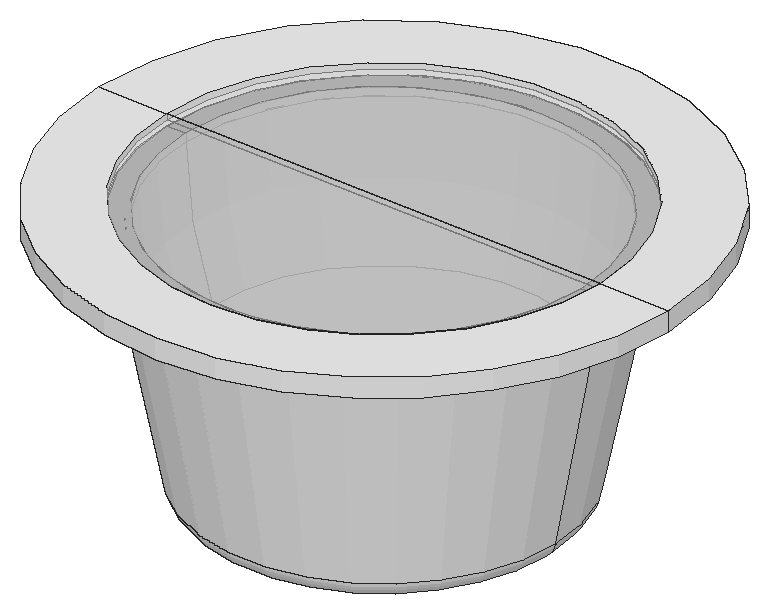
Revit family "2060566+2028036 Sylvania Lighting Fixture ASCENT 100 II ARCH 2700 4K STD EMG 160 with IP44 Frost Glass", category Lighting Fixtures, host Face, Revit 2016
Family settings
  Host = Face
  Part Type = Normal
  Round Connector Dimension = Use Diameter
  OmniClass Number = 23.80.70.11.17
  OmniClass Title = Specialized Lighting by Location or Use
  Cut with Voids When Loaded = No
  Light Source = Yes
  Shared = No
  Room Calculation Point = No
Parameters (values of type "2060566+2028036 ASCT100 II ARCH 2700 4K STD EMG 160 with IP44 Frost Glass Emergency mode")
  WidthBezelAcc_SYL = 25.0 mm
  Weight = "1.92 kg"
  Wattage = 1.58333 W
  WarrantyStartDate [instance] = "n/a"
  WarrantyGuarantorParts = "n/a"
  WarrantyDurationUnit = "n/a"
  WarrantyDurationParts = "n/a"
  WarrantyDescription = "n/a"
  built-in parameter 1150110 = 1 (stored number, unit not read)
  Voltage = 0 V
  VisibilityAccessory_SYL = yes
  TypeName = "ASCT100 II ARCH 2700 4K STD EMG 160 with IP44 Frost Glass Emergency mode"
  built-in parameter 1114217 = 1 (stored number, unit not read)
  Tilt Angle = -90°
  built-in parameter 1150109 = 1 (stored number, unit not read)
  built-in parameter 1150134 = 12
  built-in parameter 1150113 = 1 (stored number, unit not read)
  SerialNumber [instance] = "n/a"
  ReflectorRadius_SYL = Radius_SYL - 14.5 mm  # 80.0 mm
  RadiusAcc_SYL = 105.0 mm
  Radius_SYL = 94.5 mm
  URL = "http://www.sylvania-lighting.com"
  PowerFactor = 0
  PowerConsumption = "23 W"
  Photometric Web File = "2060566EM.ies"
  NominalWidth = 0.0 mm
  NominalLength = 0.0 mm
  NominalHeight = 94.0 mm
  Name = "ASCT100 II ARCH 2700 4K STD EMG 160 with IP44 Frost Glass Emergency mode"
  ModelReference = "ASCT100 II ARCH 2700 4K STD EMG 160 with IP44 Frost Glass Emergency mode"
  ModelNumber = "2060566+2028036"
  Material_4_SYL = none
  Material_3_SYL = Polycarbonate_Sylvania_Ascent_Clear
  Material_2_SYL = Aluminium_Sylvania_Ascent_Silver
  Material_1_SYL = Aluminum_Sylvania_Ascent_White
  Material = "aluminium housing, arcylic diffuser"
  ManufacturerName = "Feilo Sylvania"
  LuminousEfficacy = "120 lm/W"
  built-in parameter 1150105 = 15.12 (stored number, unit not read)
  Lumens = 190 lm
  LuminaireType = ""
  built-in parameter 1150115 = 1 (stored number, unit not read)
  LightOutputRatio = "100"
  built-in parameter 1150137 = (empty or 0)
  built-in parameter 1150139 = (empty or 0)
  LampsType = Lamp  # "LED"
  LampNominalLuminous = "2767 lm"
  LampMacAdamStep = "3"
  LampColourTemperature = "4000 K"
  LampColourRenderingIndex = "80"
  built-in parameter 1150112 = 1 (stored number, unit not read)
  built-in parameter 1150114 = 1 (stored number, unit not read)
  Keynote = "16500"
  InstallationDate [instance] = "n/a"
  InputVoltage = "n/a"
  InputNominalFrequency = "n/a"
  built-in parameter 1150132 = (empty or 0)
  built-in parameter 1150102 = (empty or 0)
  built-in parameter 1150107 = 4000 (stored number, unit not read)
  built-in parameter 1150138 = (empty or 0)
  IngressProtection = "IP44"
  ImpactProtectionIndex = "IK02"
  built-in parameter 1150106 = 0.1512 (stored number, unit not read)
  IfcExportType = "IfcLightFixtureType"
  IfcExportAs = "IfcLightFixtureType"
  Height_SYL = 94.0 mm
  HeightAcc_SYL = 7.0 mm
  ExpectedLife = 50000
  EmittionSurface_SYL = if(VisibilityAccessory_SYL, 7.0 mm, 3.0 mm)  # 7.0 mm
  Emit from Circle Diameter = DiffuserRadius_SYL * 2  # 146.0 mm
  Emit Shape Visible in Rendering = no
  ElectricShockClassification = "Class II"
  built-in parameter 1150104 = 11.148 (stored number, unit not read)
  DurationUnit = "hours"
  DocumentationLiterature = "http://www.sylvania-lighting.com/product/en-int/products/2060566"
  DimmingControlOptions = "n/a"
  Dimming Lamp Color Temperature Shift = <None>
  DiffuserRadius_SYL = ReflectorRadius_SYL - 7.0 mm  # 73.0 mm
  Diameter_SYL = 2 * Radius_SYL  # 189.0 mm
  CutoutDiameter_SYL = Diameter_SYL - 13.0 mm  # 176.0 mm
  CreatedOn = "9/17/2018"
  CreatedBy = "@sylvania-lighting.com"
  Color Filter = 16777215
  built-in parameter 1114216 [instance] = 1 (stored number, unit not read)
  Model = "ASCT100 II ARCH 2700 4K STD EMG 160 with IP44 Frost Glass Emergency mode"
  Manufacturer = "Feilo Sylvania"
  Lamp = "LED"
  Description = "Direct LED retro fit for original LED 100 Arch (160) single CFL lamp offering Matching lumen levels and improved light distribution of original LED 100 CFL lamp equivalents Typically half the power consumption compared to CFL Up to 112lm/W 160mm aperture Architectural reflector accepts range of glass accessories from existing LED 100 Arch 160 offering HE, HO and VHO versions equivalent of single 1 x 18W, 1 x 32W, 1 x 42W\r\n Additional VVHO versions which offer the performance circa 2 x 32W equivalent"  # constant formula
  Default Elevation = 0.0 mm
  built-in parameter 1140040 [instance] = 1
  BarCode [instance] = "n/a"
  built-in parameter 1114218 = 1 (stored number, unit not read)
  built-in parameter 1150133 = 10 (stored number, unit not read)
  AssetType = "Fixed"
  AssetIdentifier [instance] = "n/a"
  Assembly Code = "D5020200"
  Apparent Load = 1.58333 VA
  Aperture_SYL = 2 * ReflectorRadius_SYL  # 160.0 mm
Types (2, lengths in mm): name | Wattage | TypeName | Photometric Web File | Name | ModelReference | Material_3_SYL | built-in parameter 1150105 | Lumens | built-in parameter 1150106 | Model | Apparent Load
  2060566+2028036 ASCT100 II ARCH 2700 4K STD EMG 160 with IP44 Frost Glass Emergency mode | 1.58333 W | "ASCT100 II ARCH 2700 4K STD EMG 160 with IP44 Frost Glass Emergency mode" | "2060566EM.ies" | "ASCT100 II ARCH 2700 4K STD EMG 160 with IP44 Frost Glass Emergency mode" | "ASCT100 II ARCH 2700 4K STD EMG 160 with IP44 Frost Glass Emergency mode" | Polycarbonate_Sylvania_Ascent_Clear | 15.12 (stored number, unit not read) | 190 lm | 0.1512 (stored number, unit not read) | "ASCT100 II ARCH 2700 4K STD EMG 160 with IP44 Frost Glass Emergency mode" | 1.58333 VA
  2060566+2028036 ASCT100 II ARCH 2700 4K STD EMG 160 with IP44 Frost Glass | 23 W | "ASCENT 100 II ARCH 2700 4K STD EMG 160 with IP44 Frost Glass" | "2060566.ies" | "ASCENT 100 II ARCH 2700 4K STD EMG 160 with IP44 Frost Glass" | "ASCENT 100 II ARCH 2700 4K STD EMG 160 with IP44 Frost Glass" | Polycarbonate_Sylvania_Ascent_Opal | 219.63 (stored number, unit not read) | 2760 lm | 2.1963 (stored number, unit not read) | "ASCENT 100 II ARCH 2700 4K STD EMG 160 with IP44 Frost Glass" | 23 VA
Reference planes
  plane 1 "Center (Front/Back)": y = 0
  plane 2: z = 0
  plane 3 "Center (Left/Right)": x = 0
  plane 4 "Fixture Bottom": z = 3
  plane 5: z = -52.5
  plane 6 "Fixture Top": z = -91
  plane 7: x = -105
  plane 8: z = 7
  plane 9: x = -80
  plane 10: z = 5
  plane 11: x = -103
Forms (mm)
  Extrusion 1, solid, material "Aluminum_Sylvania_Ascent_White", detail levels fine
    sketch origin (0, 0, 0) x (1, 0, 0) y (0, 1, 0)
      loop
        circle (0, 0) r 94.5
      loop
        circle (0, 0) r 80
    from 0 to 3
  Extrusion 2, void
    sketch origin (0, 0, 0) x (1, 0, 0) y (0, 1, 0)
      loop
        circle (0, 0) r 88
    from -91 to 3
  Revolve 3, solid, material "Aluminum_Sylvania_Ascent_White" <- "Material_1_SYL", detail levels fine
    sketch origin (0, 0, 0) x (1, 0, 0) y (0, 0, 1)
      loop
        line (0, -91.073) -> (0, -89.023) -> (-55.468, -89.014)
        arc (-55.468, -89.014) -> (-59.352, -87.613) -> (-61.54, -84.139) r 6.307
        line (-61.54, -84.139) -> (-77.991, -2.844) -> (-77.991, 0) -> (-80, 0) -> (-80, -3) -> (-63.5, -84.536)
        arc (-63.5, -84.536) -> (-60.643, -89.203) -> (-55.5, -91.073) r 8.291
        line (-55.5, -91.073) -> (0, -91.073)
      axis (0, 0) -> (0, -91.073)
    angle from 0 to 360
  Revolve 4, solid, material "Aluminium_Sylvania_Ascent_Silver" <- "Material_2_SYL", detail levels fine
    sketch origin (0, 0, 0) x (1, 0, 0) y (0, 0, 1)
      loop
        line (-80, 3) -> (-80, 0) -> (-75, 0)
        arc (-75, 0) -> (-72.349, -26.77) -> (-64.5, -52.5) r 136.5
        line (-64.5, -52.5) -> (-58, -52.5)
        arc (-58, -52.5) -> (-56.857, -61.521) -> (-53.5, -69.971) r 36.166
        line (-53.5, -69.971) -> (0, -69.971) -> (0, -50.5) -> (-63.16, -50.5)
        arc (-63.16, -50.5) -> (-70.517, -25.725) -> (-73, 0) r 134.5
        line (-73, 0) -> (-73, 3) -> (-80, 3)
      axis (0, 3) -> (0, -69.971)
    angle from 0 to 360
  Extrusion 5, solid, material "Polycarbonate_Sylvania_Ascent_Clear" <- "Material_3_SYL", detail levels fine
    sketch origin (0, 0, 0) x (1, 0, 0) y (0, 1, 0)
      loop
        circle (0, 0) r 73
    from 0 to 3
  Revolve 6, solid, material "Aluminum_Sylvania_Ascent_White" <- "Material_1_SYL", detail levels coarse+medium
    sketch origin (0, 0, 0) x (1, 0, 0) y (0, 0, 1)
      loop
        line (0, -91.073) -> (0, 3) -> (-94.5, 3) -> (-94.5, 0) -> (-79.5, 0) -> (-79.5, -3) -> (-63, -84.536)
        arc (-63, -84.536) -> (-60.143, -89.203) -> (-55, -91.073) r 8.291
        line (-55, -91.073) -> (0, -91.073)
      axis (0, 3) -> (0, -91.073)
    angle from 0 to 360
  Revolve 7, solid, material "Aluminum_Sylvania_Ascent_White" <- "Material_1_SYL", visible <- "VisibilityAccessory_SYL"
    sketch origin (0, 0, 0) x (1, 0, 0) y (0, 0, 1)
      loop
        line (-105, 0) -> (-103, 0) -> (-103, 5) -> (-80, 5) -> (-80, 7) -> (-105, 7) -> (-105, 0)
      axis (0, 7) -> (0, 0)
    angle from 0 to 360
  Revolve 8, solid, material "Polycarbonate_Sylvania_Ascent_Clear" <- "Material_3_SYL", visible <- "VisibilityAccessory_SYL"
    sketch origin (0, 0, 0) x (1, 0, 0) y (0, 0, 1)
      loop
        line (-80, 7) -> (-80, 5) -> (0, 5) -> (0, 7) -> (-80, 7)
      axis (0, 7) -> (0, 5)
    angle from 0 to 360
Lines and regions (mm)
  reference lines
    curve 1: line (-150, 0, 7) -> (125, 0, 7)
Dimensions and locks
  locked: plane 4 "Fixture Bottom" to plane 2 at 3
  "Height_SYL": plane 4 "Fixture Bottom" to plane 6 "Fixture Top"
  "ReflectorRadius_SYL": plane 3 "Center (Left/Right)" to Revolve 4 sketch curve
  locked: Revolve 4 sketch curve to Revolve 4 sketch curve at 15.5
  locked: Revolve 4 sketch curve to Revolve 4 sketch curve at 5
  locked: Revolve 4 sketch curve to Revolve 4 sketch curve at 7
  locked: Revolve 4 sketch curve to Revolve 4 sketch curve at 22
  locked: Revolve 4 sketch curve to Revolve 4 sketch curve at 26.5
  locked: Revolve 3 sketch curve to Revolve 3 sketch curve at 16.5
  locked: Revolve 3 sketch curve to Revolve 3 sketch curve at 24.5
  "ReflectorRadius_SYL": Revolve 3 sketch curve to plane 3 "Center (Left/Right)"
  locked: Revolve 3 sketch curve to plane 6 "Fixture Top" at 6.464
  locked: plane 2 to Revolve 3 sketch curve at 3
  locked: Revolve 3 sketch curve to Revolve 3 sketch curve at 2
  locked: Revolve 3 sketch curve to Revolve 3 sketch curve at 2.009
  locked: plane 2 to plane 5 at 52.5
  locked: Revolve 6 sketch curve to Revolve 6 sketch curve at 31.5
  locked: Revolve 6 sketch curve to Revolve 6 sketch curve at 39.5
  locked: Revolve 6 sketch curve to Revolve 6 sketch curve at 15
  "Radius_SYL": plane 3 "Center (Left/Right)" to Revolve 6 sketch curve
  "RadiusAcc_SYL": plane 3 "Center (Left/Right)" to plane 7
  "HeightAcc_SYL": plane 8 to level
  "WidthBezelAcc_SYL": plane 7 to plane 9
  locked: plane 7 to plane 11 at 2
  locked: plane 8 to plane 10 at 2
  "EmittionSurface_SYL": curve 1 to level
  "CutoutDiameter_SYL": diameter of Extrusion 2 sketch curve
  "ReflectorRadius_SYL": radius of Extrusion 1 sketch curve
  "DiffuserRadius_SYL": radius of Extrusion 5 sketch curve
  "Radius_SYL": radius of Extrusion 1 sketch curve
  aligned and locked: host face to plane 2
  aligned and locked: host face to level
  aligned and locked: plane 4 "Fixture Bottom" to Extrusion 1
  aligned and locked: Extrusion 1 to plane 2
  aligned and locked: Revolve 3 sketch curve to plane 3 "Center (Left/Right)"
  aligned and locked: Revolve 4 sketch curve to plane 3 "Center (Left/Right)"  (x2)
  aligned and locked: plane 4 "Fixture Bottom" to Revolve 4 sketch curve
  aligned and locked: Extrusion 5 to plane 2
  aligned and locked: plane 2 to Revolve 3 sketch curve  (x2)
  aligned and locked: Revolve 6 sketch curve to plane 3 "Center (Left/Right)"
  aligned and locked: plane 6 "Fixture Top" to Extrusion 2
  aligned and locked: Revolve 7 sketch curve to plane 3 "Center (Left/Right)"
  aligned and locked: host face to Revolve 7 sketch curve  (x2)
  aligned and locked: Revolve 7 sketch curve to plane 7
  aligned and locked: plane 8 to Revolve 7 sketch curve
  aligned and locked: plane 9 to Revolve 7 sketch curve
  aligned and locked: Revolve 7 sketch curve to plane 10
  aligned and locked: plane 11 to Revolve 7 sketch curve
  aligned and locked: Revolve 7 to Revolve 8 sketch curve
  aligned and locked: Revolve 8 sketch curve to Revolve 7  (x2)
  aligned and locked: Revolve 8 sketch curve to plane 3 "Center (Left/Right)"  (x2)
  aligned and locked: plane 3 "Center (Left/Right)" to imposter light
  aligned and locked: imposter light to plane 1 "Center (Front/Back)"
  aligned and locked: imposter light to curve 1
Automatic sketch dimensions
  plane 1 "Center (Front/Back)" to Extrusion 2 sketch curve = 0.0 mm
  Extrusion 2 sketch curve to plane 3 "Center (Left/Right)" = 0.0 mm
  Extrusion 1 sketch curve to Extrusion 1 sketch curve = 0.0 mm  (x2)
  plane 1 "Center (Front/Back)" to Extrusion 1 sketch curve = 0.0 mm
  Extrusion 1 sketch curve to plane 3 "Center (Left/Right)" = 0.0 mm
  plane 6 "Fixture Top" to Revolve 3 sketch curve = 0.073 mm
  Revolve 3 sketch curve to plane 6 "Fixture Top" = 6.861 mm
  Revolve 3 sketch curve to Revolve 3 sketch curve = 0.003 mm
  Revolve 3 sketch curve to Revolve 3 sketch curve = 0.009 mm  (x2)
  Revolve 3 sketch curve to Revolve 3 sketch curve = 0.023 mm
  Revolve 3 sketch curve to Revolve 3 sketch curve = 0.072 mm
  Revolve 3 sketch curve to Revolve 3 sketch curve = 0.008 mm
  Revolve 3 sketch curve to plane 6 "Fixture Top" = 1.977 mm
  Revolve 3 sketch curve to Revolve 3 sketch curve = 33.496 mm
  Revolve 3 sketch curve to Revolve 3 sketch curve = 0.028 mm
  plane 4 "Fixture Bottom" to Revolve 3 sketch curve = 82.431 mm
  Revolve 4 sketch curve to Revolve 4 sketch curve = 0.0 mm  (x2)
  Revolve 4 sketch curve to plane 5 = 0.0 mm
  Revolve 4 sketch curve to level = 0.0 mm
  plane 5 to Revolve 4 sketch curve = 2.0 mm
  plane 4 "Fixture Bottom" to Revolve 4 sketch curve = 9.642 mm
  plane 1 "Center (Front/Back)" to Extrusion 5 sketch curve = 0.0 mm
  Extrusion 5 sketch curve to plane 3 "Center (Left/Right)" = 0.0 mm
  Revolve 4 sketch curve to level = 69.971 mm
  Revolve 4 sketch curve to Revolve 4 sketch curve = 2.387 mm
  Revolve 6 sketch curve to level = 0.0 mm
  Revolve 6 sketch curve to plane 3 "Center (Left/Right)" = 0.0 mm
  Revolve 6 sketch curve to Revolve 6 sketch curve = 8.104 mm
  Revolve 6 sketch curve to level = 3.0 mm
  Revolve 6 sketch curve to plane 6 "Fixture Top" = 6.464 mm
  plane 6 "Fixture Top" to Revolve 6 sketch curve = 0.073 mm
  Revolve 6 sketch curve to Revolve 6 sketch curve = 33.496 mm
  plane 4 "Fixture Bottom" to Revolve 6 sketch curve = 82.431 mm
  host sketch curve to host sketch curve = 1704.996 mm
  host sketch curve to host sketch curve = 1500.0 mm
  plane 6 "Fixture Top" to Revolve 7 sketch curve = 281.274 mm
  Revolve 7 sketch curve to plane 8 = 1140.706 mm
  plane 6 "Fixture Top" to Revolve 8 sketch curve = 281.274 mm
  Revolve 8 sketch curve to Revolve 8 sketch curve = 1140.706 mm
  Revolve 3 sketch curve to plane 3 "Center (Left/Right)" = 0.0 mm
  Revolve 6 sketch curve to plane 4 "Fixture Bottom" = 0.0 mm
  plane 7 to curve 1 = 45.0 mm
  plane 3 "Center (Left/Right)" to curve 1 = 125.0 mm
Connectors
  electrical at (0, 0, -91.073), driven by "Apparent Load"
    settings: on Revolve 3, index 1, voltage 240 V, apparent load 0 VA, apparent load phase1 1.58333 VA, apparent load phase2 0 VA, apparent load phase3 0 VA, power factor 1, load classification "Lighting", number of poles 1, system type 31, power factor state 1, is connector primary yes, connector utility no, sub classification motor no, connector description ""
